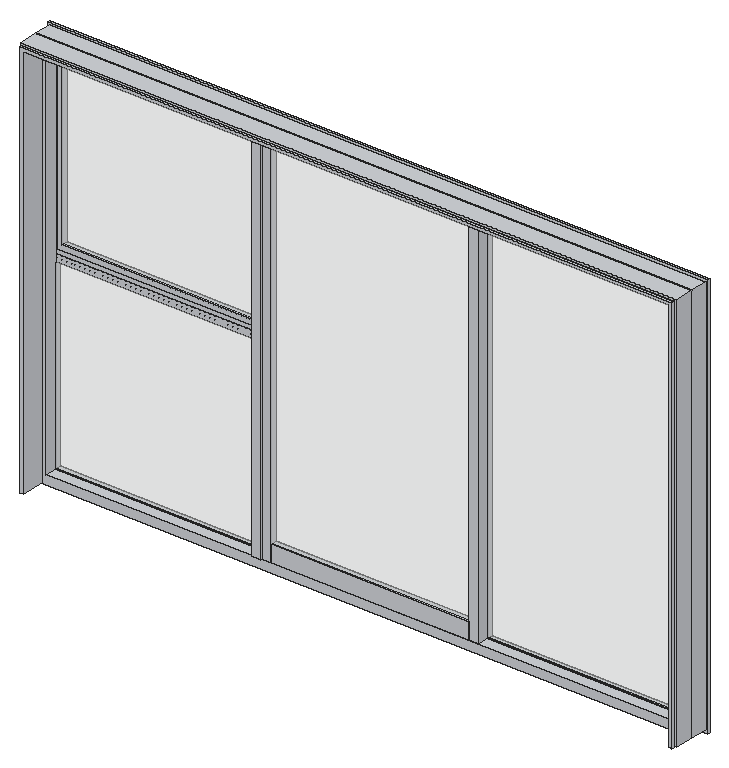
Revit family "APL Residential Thermal Heart Sliding Door FSF with Sidelight", category Doors, host Wall, Revit 2017 (continued)
Definition of nested family "APL Residential Thermal Heart Sliding Door FSF Vertical Section"
  Definition of nested family "Two Panel Head"
    Definition of nested family "65400_Frame Head"
      Lines and regions (mm)
        detail lines, in view "Ref. Level"
          curve 107: line (29.4, -22, 0) -> (29.4, -8.901, 0)
          curve 108: line (29.9, -8.4, 0) -> (36.605, -8.4, 0)
          curve 109: line (39.189, -9.621, 0) -> (53.629, -10.8, 0)
          curve 110: line (53.629, -10.8, 0) -> (62.286, -10.8, 0)
          curve 111: line (64.2, -16.467, 0) -> (64.2, -25.517, 0)
          curve 112: line (66.2, -32, 0) -> (66.2, -41.1, 0)
          curve 113: line (65.7, -41.6, 0) -> (47, -41.6, 0)
          curve 114: line (46.5, -41.1, 0) -> (46.5, -36.5, 0)
          curve 115: line (27.317, -8.501, 0) -> (24.183, -8.227, 0)
          curve 116: line (24, -8.027, 0) -> (24, -6.776, 0)
          curve 117: line (24, -6.776, 0) -> (24.399, -5.679, 0)
          curve 118: line (25.569, -5.691, 0) -> (26.823, -6.456, 0)
          curve 119: line (26.979, -6.5, 0) -> (27.5, -6.5, 0)
          curve 120: line (27.694, -6.25, 0) -> (27.5, -5.5, 0)
          curve 121: line (27.5, -5.475, 0) -> (27.5, -2.247, 0)
          curve 122: line (27.312, -1.472, 0) -> (25.179, -2.043, 0)
          curve 123: line (25.038, -2.184, 0) -> (24.993, -2.352, 0)
          curve 124: line (24.659, -2.441, 0) -> (24.295, -2.078, 0)
          curve 125: line (24.208, -1.892, 0) -> (24.001, 0.474, 0)
          curve 126: line (24.403, 0.782, 0) -> (25.813, 0.268, 0)
          curve 127: line (26.583, 0, 0) -> (28.9, 0, 0)
          curve 128: line (29.4, -0.5, 0) -> (29.4, -6.1, 0)
          curve 129: line (29.9, -6.6, 0) -> (33.5, -6.6, 0)
          curve 130: line (33.5, -6.6, 0) -> (33.9, -7, 0)
          curve 131: line (33.9, -7, 0) -> (34.3, -6.6, 0)
          curve 132: line (34.3, -6.6, 0) -> (37.767, -6.6, 0)
          curve 133: line (40.611, -7.831, 0) -> (53.707, -8.9, 0)
          curve 134: line (53.707, -8.9, 0) -> (58.307, -8.9, 0)
          curve 135: line (58.307, -8.9, 0) -> (58.707, -9.3, 0)
          curve 136: line (58.707, -9.3, 0) -> (59.107, -8.9, 0)
          curve 137: line (59.107, -8.9, 0) -> (68.1, -8.9, 0)
          curve 138: line (68.3, -8.7, 0) -> (68.3, -0.5, 0)
          curve 139: line (68.8, 0, 0) -> (71.117, 0, 0)
          curve 140: line (71.887, 0.268, 0) -> (73.297, 0.782, 0)
          curve 141: line (73.699, 0.474, 0) -> (73.492, -1.892, 0)
          curve 142: line (73.405, -2.078, 0) -> (73.041, -2.441, 0)
          curve 143: line (72.707, -2.352, 0) -> (72.662, -2.184, 0)
          curve 144: line (72.521, -2.043, 0) -> (70.388, -1.472, 0)
          curve 145: line (70.2, -2.247, 0) -> (70.2, -5.475, 0)
          curve 146: line (70.2, -5.5, 0) -> (70.006, -6.25, 0)
          curve 147: line (70.2, -6.5, 0) -> (70.721, -6.5, 0)
          curve 148: line (70.877, -6.456, 0) -> (72.131, -5.691, 0)
          curve 149: line (72.7, -5.55, 0) -> (72.7, -7.124, 0)
          curve 150: line (72.7, -8.874, 0) -> (72.7, -10.449, 0)
          curve 151: line (72.131, -10.309, 0) -> (70.877, -9.544, 0)
          curve 152: line (70.721, -9.5, 0) -> (70.2, -9.5, 0)
          curve 153: line (70.006, -9.75, 0) -> (70.2, -10.5, 0)
          curve 154: line (70.2, -10.525, 0) -> (70.2, -13.753, 0)
          curve 155: line (70.532, -14.49, 0) -> (72.521, -13.957, 0)
          curve 156: line (72.662, -13.816, 0) -> (72.707, -13.648, 0)
          curve 157: line (73.041, -13.559, 0) -> (73.405, -13.922, 0)
          curve 158: line (73.492, -14.108, 0) -> (73.699, -16.474, 0)
          curve 159: line (73.297, -16.782, 0) -> (71.887, -16.268, 0)
          curve 160: line (71.117, -16, 0) -> (66.201, -16, 0)
          curve 161: line (65.7, -16.5, 0) -> (65.7, -25.519, 0)
          curve 162: line (67.7, -32, 0) -> (67.7, -33.1, 0)
          curve 163: line (67.9, -33.3, 0) -> (69.3, -33.3, 0)
          curve 164: line (69.5, -33.1, 0) -> (69.5, -32.8, 0)
          curve 165: line (70.5, -32.8, 0) -> (70.5, -35.351, 0)
          curve 166: line (69.5, -35.35, 0) -> (69.5, -34.5, 0)
          curve 167: line (69.3, -34.3, 0) -> (67.9, -34.3, 0)
          curve 168: line (67.7, -34.5, 0) -> (67.7, -41.8, 0)
          curve 169: line (67.9, -42, 0) -> (69.3, -42, 0)
          curve 170: line (69.5, -41.8, 0) -> (69.5, -40.95, 0)
          curve 171: line (70.5, -40.95, 0) -> (70.5, -42.499, 0)
          curve 172: line (70, -43, 0) -> (42.7, -43, 0)
          curve 173: line (42.5, -42.8, 0) -> (42.5, -41.25, 0)
          curve 174: line (43.5, -41.25, 0) -> (43.5, -41.8, 0)
          curve 175: line (43.7, -42, 0) -> (44.8, -42, 0)
          curve 176: line (45, -41.8, 0) -> (45, -36.7, 0)
          curve 177: line (44.8, -36.5, 0) -> (43.7, -36.5, 0)
          curve 178: line (43.5, -36.7, 0) -> (43.5, -37.25, 0)
          curve 179: line (42.5, -37.25, 0) -> (42.5, -36.5, 0)
          curve 180: line (43.5, -35.5, 0) -> (44.395, -35.5, 0)
          curve 181: line (44.6, -35.3, 0) -> (44.6, -24.2, 0)
          curve 182: line (44.395, -24, 0) -> (34.3, -24, 0)
          curve 183: line (34.3, -24, 0) -> (33.9, -23.6, 0)
          curve 184: line (33.9, -23.6, 0) -> (33.5, -24, 0)
          curve 185: line (33.5, -24, 0) -> (26.583, -24, 0)
          curve 186: line (25.813, -24.268, 0) -> (24.403, -24.782, 0)
          curve 187: line (24.001, -24.474, 0) -> (24.208, -22.108, 0)
          curve 188: line (24.295, -21.922, 0) -> (24.659, -21.559, 0)
          curve 189: line (24.993, -21.648, 0) -> (25.038, -21.816, 0)
          curve 190: line (25.179, -21.957, 0) -> (27.312, -22.528, 0)
          curve 191: line (27.5, -21.753, 0) -> (27.5, -18.525, 0)
          curve 192: line (27.5, -18.5, 0) -> (27.694, -17.75, 0)
          curve 193: line (27.5, -17.5, 0) -> (26.979, -17.5, 0)
          curve 194: line (26.823, -17.544, 0) -> (25.569, -18.309, 0)
          curve 195: line (25, -18.45, 0) -> (25, -16.874, 0)
          curve 196: line (25.479, -16.021, 0) -> (26.284, -15.529, 0)
          curve 197: line (26.389, -15.5, 0) -> (27.5, -15.5, 0)
          curve 198: line (27.5, -15.5, 0) -> (27.5, -8.7, 0)
          curve 199: arc (27.5, -8.7, 0) -> (27.447, -8.565, 0) -> (27.317, -8.501, 0) r 0.2
          curve 200: arc (70.2, -10.4, 0) -> (70.317, -10.117, 0) -> (70.6, -10, 0) r 0.4
          curve 201: arc (70.893, -10, 0) -> (70.996, -10.014, 0) -> (71.093, -10.054, 0) r 0.4
          curve 202: arc (72.621, -10.939, 0) -> (72.911, -11.059, 0) -> (73.222, -11.1, 0) r 1.2
          curve 203: arc (74.145, -11.1, 0) -> (74.718, -11.281, 0) -> (75.084, -11.758, 0) r 1
          curve 204: arc (75.877, -13.937, 0) -> (76.024, -14.128, 0) -> (76.253, -14.2, 0) r 0.4
          curve 205: arc (78.947, -14.2, 0) -> (79.176, -14.128, 0) -> (79.323, -13.937, 0) r 0.4
          curve 206: arc (80.116, -11.758, 0) -> (80.482, -11.281, 0) -> (81.055, -11.1, 0) r 1
          curve 207: arc (81.978, -11.1, 0) -> (82.289, -11.059, 0) -> (82.579, -10.939, 0) r 1.2
          curve 208: arc (84.107, -10.054, 0) -> (84.204, -10.014, 0) -> (84.307, -10, 0) r 0.4
          curve 209: arc (84.6, -10, 0) -> (84.883, -10.117, 0) -> (85, -10.4, 0) r 0.4
          curve 210: arc (85, -13.8, 0) -> (84.883, -14.083, 0) -> (84.6, -14.2, 0) r 0.4
          curve 211: arc (84.307, -14.2, 0) -> (84.204, -14.186, 0) -> (84.107, -14.146, 0) r 0.4
          curve 212: arc (82.579, -13.262, 0) -> (82.285, -13.14, 0) -> (81.97, -13.1, 0) r 1.2
          curve 213: arc (81.97, -13.1, 0) -> (81.795, -13.153, 0) -> (81.684, -13.297, 0) r 0.3
          curve 214: arc (80.796, -15.737, 0) -> (80.649, -15.928, 0) -> (80.42, -16, 0) r 0.4
          curve 215: arc (74.78, -16, 0) -> (74.551, -15.928, 0) -> (74.404, -15.737, 0) r 0.4
          curve 216: arc (73.516, -13.297, 0) -> (73.405, -13.153, 0) -> (73.23, -13.1, 0) r 0.3
          curve 217: arc (73.23, -13.1, 0) -> (72.915, -13.14, 0) -> (72.621, -13.262, 0) r 1.2
          curve 218: arc (71.093, -14.146, 0) -> (70.996, -14.186, 0) -> (70.893, -14.2, 0) r 0.4
          curve 219: arc (70.6, -14.2, 0) -> (70.317, -14.083, 0) -> (70.2, -13.8, 0) r 0.4
          curve 220: line (70.6, -10, 0) -> (70.893, -10, 0)
          curve 221: line (71.093, -10.054, 0) -> (72.621, -10.939, 0)
          curve 222: line (73.222, -11.1, 0) -> (74.145, -11.1, 0)
          curve 223: line (75.084, -11.758, 0) -> (75.877, -13.937, 0)
          curve 224: line (76.253, -14.2, 0) -> (78.947, -14.2, 0)
          curve 225: line (79.323, -13.937, 0) -> (80.116, -11.758, 0)
          curve 226: line (81.055, -11.1, 0) -> (81.978, -11.1, 0)
          curve 227: line (82.579, -10.939, 0) -> (84.107, -10.054, 0)
          curve 228: line (84.307, -10, 0) -> (84.6, -10, 0)
          curve 229: line (85, -10.4, 0) -> (85, -13.8, 0)
          curve 230: line (84.6, -14.2, 0) -> (84.307, -14.2, 0)
          curve 231: line (84.107, -14.146, 0) -> (82.579, -13.262, 0)
          curve 232: line (81.684, -13.297, 0) -> (80.796, -15.737, 0)
          curve 233: line (80.42, -16, 0) -> (74.78, -16, 0)
          curve 234: line (74.404, -15.737, 0) -> (73.516, -13.297, 0)
          curve 235: line (72.621, -13.262, 0) -> (71.093, -14.146, 0)
          curve 236: line (70.893, -14.2, 0) -> (70.6, -14.2, 0)
          curve 237: line (70.2, -13.8, 0) -> (70.2, -10.4, 0)
          curve 238: arc (70.2, -5.6, 0) -> (70.317, -5.883, 0) -> (70.6, -6, 0) r 0.4
          curve 239: arc (70.893, -6, 0) -> (70.996, -5.986, 0) -> (71.093, -5.946, 0) r 0.4
          curve 240: arc (72.621, -5.061, 0) -> (72.911, -4.941, 0) -> (73.222, -4.9, 0) r 1.2
          curve 241: arc (74.145, -4.9, 0) -> (74.718, -4.719, 0) -> (75.084, -4.242, 0) r 1
          curve 242: arc (75.877, -2.063, 0) -> (76.024, -1.872, 0) -> (76.253, -1.8, 0) r 0.4
          curve 243: arc (78.947, -1.8, 0) -> (79.176, -1.872, 0) -> (79.323, -2.063, 0) r 0.4
          curve 244: arc (80.116, -4.242, 0) -> (80.482, -4.719, 0) -> (81.055, -4.9, 0) r 1
          curve 245: arc (81.978, -4.9, 0) -> (82.289, -4.941, 0) -> (82.579, -5.061, 0) r 1.2
          curve 246: arc (84.107, -5.946, 0) -> (84.204, -5.986, 0) -> (84.307, -6, 0) r 0.4
          curve 247: arc (84.6, -6, 0) -> (84.883, -5.883, 0) -> (85, -5.6, 0) r 0.4
          curve 248: arc (85, -2.2, 0) -> (84.883, -1.917, 0) -> (84.6, -1.8, 0) r 0.4
          curve 249: arc (84.307, -1.8, 0) -> (84.204, -1.814, 0) -> (84.107, -1.854, 0) r 0.4
          curve 250: arc (82.579, -2.739, 0) -> (82.285, -2.86, 0) -> (81.97, -2.9, 0) r 1.2
          curve 251: arc (81.97, -2.9, 0) -> (81.795, -2.847, 0) -> (81.684, -2.703, 0) r 0.3
          curve 252: arc (80.796, -0.263, 0) -> (80.649, -0.072, 0) -> (80.42, 0, 0) r 0.4
          curve 253: arc (74.78, 0, 0) -> (74.551, -0.072, 0) -> (74.404, -0.263, 0) r 0.4
          curve 254: arc (73.516, -2.703, 0) -> (73.405, -2.847, 0) -> (73.23, -2.9, 0) r 0.3
          curve 255: arc (73.23, -2.9, 0) -> (72.915, -2.86, 0) -> (72.621, -2.739, 0) r 1.2
          curve 256: arc (71.093, -1.854, 0) -> (70.996, -1.814, 0) -> (70.893, -1.8, 0) r 0.4
          curve 257: arc (70.6, -1.8, 0) -> (70.317, -1.917, 0) -> (70.2, -2.2, 0) r 0.4
          curve 258: line (70.6, -6, 0) -> (70.893, -6, 0)
          curve 259: line (71.093, -5.946, 0) -> (72.621, -5.061, 0)
          curve 260: line (73.222, -4.9, 0) -> (74.145, -4.9, 0)
          curve 261: line (75.084, -4.242, 0) -> (75.877, -2.063, 0)
          curve 262: line (76.253, -1.8, 0) -> (78.947, -1.8, 0)
          curve 263: line (79.323, -2.063, 0) -> (80.116, -4.242, 0)
          curve 264: line (81.055, -4.9, 0) -> (81.978, -4.9, 0)
          curve 265: line (82.579, -5.061, 0) -> (84.107, -5.946, 0)
          curve 266: line (84.307, -6, 0) -> (84.6, -6, 0)
          curve 267: line (85, -5.6, 0) -> (85, -2.2, 0)
          curve 268: line (84.6, -1.8, 0) -> (84.307, -1.8, 0)
          curve 269: line (84.107, -1.854, 0) -> (82.579, -2.739, 0)
          curve 270: line (81.684, -2.703, 0) -> (80.796, -0.263, 0)
          curve 271: line (80.42, 0, 0) -> (74.78, 0, 0)
          curve 272: line (74.404, -0.263, 0) -> (73.516, -2.703, 0)
          curve 273: line (72.621, -2.739, 0) -> (71.093, -1.854, 0)
          curve 274: line (70.893, -1.8, 0) -> (70.6, -1.8, 0)
          curve 275: line (70.2, -2.2, 0) -> (70.2, -5.6, 0)
          curve 276: arc (113.4, -35.877, 0) -> (113.327, -35.95, 0) -> (113.3, -36.05, 0) r 0.2
          curve 277: arc (113.3, -40.25, 0) -> (113.327, -40.35, 0) -> (113.4, -40.423, 0) r 0.2
          curve 278: arc (113.4, -40.423, 0) -> (113.473, -40.496, 0) -> (113.5, -40.596, 0) r 0.2
          curve 279: arc (113.5, -41.8, 0) -> (113.441, -41.941, 0) -> (113.3, -42, 0) r 0.2
          curve 280: arc (111.701, -42, 0) -> (111.559, -41.942, 0) -> (111.5, -41.8, 0) r 0.2
          curve 281: arc (111.5, -40.95, 0) -> (111, -40.451, 0) -> (110.5, -40.95, 0) r 0.5
          curve 282: arc (110.5, -42.5, 0) -> (110.646, -42.854, 0) -> (111, -43, 0) r 0.499
          curve 283: arc (114.5, -43, 0) -> (114.847, -42.847, 0) -> (115, -42.5, 0) r 0.523
          curve 284: arc (115, -21.5, 0) -> (114.856, -21.144, 0) -> (114.5, -21, 0) r 0.493
          curve 285: arc (111.7, -21, 0) -> (111.558, -20.942, 0) -> (111.5, -20.8, 0) r 0.199
          curve 286: arc (111.5, -13.199, 0) -> (110.852, -11.559, 0) -> (109.258, -10.805, 0) r 2.399
          curve 287: arc (109.258, -10.805, 0) -> (108.878, -10.588, 0) -> (108.814, -10.156, 0) r 0.5
          curve 288: arc (108.814, -10.156, 0) -> (109, -8.953, 0) -> (108.816, -7.75, 0) r 4
          curve 289: arc (108.816, -7.75, 0) -> (108.89, -7.304, 0) -> (109.293, -7.1, 0) r 0.5
          curve 290: arc (109.5, -7.1, 0) -> (110.914, -6.514, 0) -> (111.5, -5.1, 0) r 2.001
          curve 291: arc (120.75, -1.5, 0) -> (121.501, -0.747, 0) -> (120.745, 0, 0) r 0.75
          curve 292: arc (111.5, 0, 0) -> (110.439, -0.439, 0) -> (110, -1.5, 0) r 1.5
          curve 293: arc (110, -5, 0) -> (109.941, -5.141, 0) -> (109.8, -5.2, 0) r 0.2
          curve 294: arc (100.5, -5.2, 0) -> (100.146, -5.346, 0) -> (100, -5.7, 0) r 0.5
          curve 295: arc (100, -6.2, 0) -> (100.146, -6.554, 0) -> (100.5, -6.7, 0) r 0.5
          curve 296: arc (101.927, -6.7, 0) -> (102.266, -6.833, 0) -> (102.426, -7.16, 0) r 0.5
          curve 297: arc (102.426, -7.16, 0) -> (102.912, -7.803, 0) -> (103.7, -7.634, 0) r 0.75
          curve 298: arc (103.7, -7.634, 0) -> (105, -7.1, 0) -> (106.3, -7.634, 0) r 1.85
          curve 299: arc (106.3, -7.634, 0) -> (106.442, -7.744, 0) -> (106.607, -7.817, 0) r 0.75
          curve 300: arc (106.607, -7.817, 0) -> (106.791, -7.92, 0) -> (106.916, -8.09, 0) r 0.5
          curve 301: arc (106.916, -8.09, 0) -> (107.1, -8.95, 0) -> (106.916, -9.81, 0) r 2.1
          curve 302: arc (106.916, -9.81, 0) -> (106.791, -9.98, 0) -> (106.607, -10.083, 0) r 0.5
          curve 303: arc (106.607, -10.083, 0) -> (106.442, -10.156, 0) -> (106.3, -10.266, 0) r 0.75
          curve 304: arc (106.3, -10.266, 0) -> (105, -10.8, 0) -> (103.7, -10.266, 0) r 1.85
          curve 305: arc (103.7, -10.266, 0) -> (103.027, -10.064, 0) -> (102.482, -10.509, 0) r 0.75
          curve 306: arc (102.482, -10.509, 0) -> (102.32, -10.716, 0) -> (102.075, -10.812, 0) r 0.5
          curve 307: arc (102.075, -10.812, 0) -> (101.154, -11.14, 0) -> (100.481, -11.85, 0) r 2.1
          curve 308: arc (100.481, -11.85, 0) -> (100.298, -12.033, 0) -> (100.048, -12.1, 0) r 0.5
          curve 309: arc (91.556, -12.1, 0) -> (91.287, -12.022, 0) -> (91.103, -11.812, 0) r 0.5
          curve 310: arc (91.103, -11.812, 0) -> (90.328, -10.929, 0) -> (89.2, -10.6, 0) r 2.1
          curve 311: arc (87.9, -10.6, 0) -> (87.193, -10.307, 0) -> (86.9, -9.6, 0) r 1
          curve 312: arc (86.9, -0.5, 0) -> (86.754, -0.146, 0) -> (86.4, 0, 0) r 0.5
          curve 313: arc (84.083, 0, 0) -> (83.778, -0.199, 0) -> (83.505, 0.043, 0) r 0.3
          curve 314: arc (83.505, 0.043, 0) -> (83.439, 0.181, 0) -> (83.313, 0.268, 0) r 0.3
          curve 315: arc (81.903, 0.782, 0) -> (81.617, 0.738, 0) -> (81.501, 0.474, 0) r 0.3
          curve 316: arc (81.708, -1.892, 0) -> (81.735, -1.992, 0) -> (81.795, -2.078, 0) r 0.3
          curve 317: arc (82.159, -2.441, 0) -> (82.352, -2.493, 0) -> (82.493, -2.352, 0) r 0.2
          curve 318: arc (82.538, -2.184, 0) -> (82.59, -2.095, 0) -> (82.679, -2.043, 0) r 0.2
          curve 319: arc (84.822, -1.51, 0) -> (85.164, -1.657, 0) -> (85.1, -2.024, 0) r 0.3
          curve 320: arc (85.1, -2.024, 0) -> (85.026, -2.125, 0) -> (85, -2.247, 0) r 0.3
          curve 321: arc (85.194, -6.25, 0) -> (85.158, -6.422, 0) -> (85, -6.5, 0) r 0.2
          curve 322: arc (84.479, -6.5, 0) -> (84.398, -6.489, 0) -> (84.323, -6.456, 0) r 0.3
          curve 323: arc (83.069, -5.691, 0) -> (83.063, -5.498, 0) -> (82.92, -5.367, 0) r 0.25
          curve 324: arc (82.92, -5.367, 0) -> (82.65, -5.321, 0) -> (82.5, -5.55, 0) r 0.25
          curve 325: arc (82.5, -7.126, 0) -> (82.582, -7.523, 0) -> (82.815, -7.854, 0) r 1
          curve 326: arc (82.815, -7.854, 0) -> (82.878, -8, 0) -> (82.815, -8.146, 0) r 0.2
          curve 327: arc (82.815, -8.146, 0) -> (82.582, -8.477, 0) -> (82.5, -8.874, 0) r 1
          curve 328: arc (82.5, -10.45, 0) -> (82.628, -10.668, 0) -> (82.88, -10.663, 0) r 0.25
          curve 329: arc (82.966, -10.611, 0) -> (83.072, -10.479, 0) -> (83.069, -10.309, 0) r 0.25
          curve 330: arc (84.323, -9.544, 0) -> (84.398, -9.511, 0) -> (84.479, -9.5, 0) r 0.3
          curve 331: arc (85, -9.5, 0) -> (85.158, -9.577, 0) -> (85.194, -9.75, 0) r 0.2
          curve 332: arc (85, -13.753, 0) -> (85.026, -13.875, 0) -> (85.1, -13.976, 0) r 0.3
          curve 333: arc (85.1, -13.976, 0) -> (85.164, -14.343, 0) -> (84.822, -14.49, 0) r 0.3
          curve 334: arc (82.679, -13.957, 0) -> (82.59, -13.905, 0) -> (82.538, -13.816, 0) r 0.2
          curve 335: arc (82.493, -13.648, 0) -> (82.352, -13.507, 0) -> (82.159, -13.559, 0) r 0.2
          curve 336: arc (81.795, -13.922, 0) -> (81.735, -14.008, 0) -> (81.708, -14.108, 0) r 0.3
          curve 337: arc (81.501, -16.474, 0) -> (81.617, -16.738, 0) -> (81.903, -16.782, 0) r 0.3
          curve 338: arc (83.313, -16.268, 0) -> (83.439, -16.181, 0) -> (83.505, -16.043, 0) r 0.3
          curve 339: arc (83.505, -16.043, 0) -> (83.778, -15.801, 0) -> (84.083, -16, 0) r 0.3
          curve 340: arc (86.7, -16, 0) -> (86.841, -15.941, 0) -> (86.9, -15.8, 0) r 0.2
          curve 341: arc (86.9, -12.7, 0) -> (86.959, -12.559, 0) -> (87.1, -12.5, 0) r 0.2
          curve 342: arc (89.2, -12.5, 0) -> (89.341, -12.559, 0) -> (89.4, -12.7, 0) r 0.2
          curve 343: arc (89.4, -13.8, 0) -> (89.459, -13.941, 0) -> (89.6, -14, 0) r 0.2
          curve 344: arc (101.9, -14, 0) -> (102.042, -13.941, 0) -> (102.1, -13.8, 0) r 0.2
          curve 345: arc (102.1, -12.9, 0) -> (102.159, -12.759, 0) -> (102.3, -12.7, 0) r 0.2
          curve 346: arc (109.1, -12.7, 0) -> (109.454, -12.846, 0) -> (109.6, -13.2, 0) r 0.5
          curve 347: arc (109.6, -14.5, 0) -> (109.541, -14.641, 0) -> (109.4, -14.7, 0) r 0.2
          curve 348: arc (107.3, -14.7, 0) -> (107.159, -14.759, 0) -> (107.1, -14.9, 0) r 0.2
          curve 349: arc (107.1, -15.8, 0) -> (107.159, -15.941, 0) -> (107.3, -16, 0) r 0.2
          curve 350: arc (109.5, -16, 0) -> (109.854, -16.146, 0) -> (110, -16.5, 0) r 0.5
          curve 351: arc (110, -22.8, 0) -> (110.146, -23.154, 0) -> (110.5, -23.3, 0) r 0.5
          curve 352: arc (111.3, -23.3, 0) -> (111.441, -23.241, 0) -> (111.5, -23.1, 0) r 0.2
          curve 353: arc (113.3, -22.3, 0) -> (113.441, -22.359, 0) -> (113.5, -22.5, 0) r 0.2
          curve 354: arc (113.5, -27.4, 0) -> (113.1, -27.8, 0) -> (113.5, -28.2, 0) r 0.4
          curve 355: arc (113.5, -33.1, 0) -> (113.441, -33.241, 0) -> (113.3, -33.3, 0) r 0.2
          curve 356: arc (111.5, -32.7, 0) -> (111.383, -32.417, 0) -> (111.1, -32.3, 0) r 0.4
          curve 357: arc (111, -32.3, 0) -> (110.646, -32.447, 0) -> (110.5, -32.8, 0) r 0.5
          curve 358: arc (110.5, -35.35, 0) -> (111, -35.85, 0) -> (111.5, -35.35, 0) r 0.5
          curve 359: arc (111.5, -34.5, 0) -> (111.559, -34.359, 0) -> (111.7, -34.3, 0) r 0.2
          curve 360: arc (113.3, -34.3, 0) -> (113.441, -34.359, 0) -> (113.5, -34.5, 0) r 0.2
          curve 361: line (113.3, -36.05, 0) -> (113.3, -40.25, 0)
          curve 362: line (113.5, -40.596, 0) -> (113.5, -41.8, 0)
          curve 363: line (113.3, -42, 0) -> (111.701, -42, 0)
          curve 364: line (111.5, -41.8, 0) -> (111.5, -40.95, 0)
          curve 365: line (110.5, -40.95, 0) -> (110.5, -42.5, 0)
          curve 366: line (111, -43, 0) -> (114.5, -43, 0)
          curve 367: line (115, -42.5, 0) -> (115, -21.5, 0)
          curve 368: line (114.5, -21, 0) -> (111.7, -21, 0)
          curve 369: line (111.5, -20.8, 0) -> (111.5, -13.199, 0)
          curve 370: line (109.293, -7.1, 0) -> (109.5, -7.1, 0)
          curve 371: line (111.5, -5.1, 0) -> (111.5, -1.5, 0)
          curve 372: line (111.5, -1.5, 0) -> (120.75, -1.5, 0)
          curve 373: line (120.745, 0, 0) -> (119, 0, 0)
          curve 374: line (119, 0, 0) -> (118.6, -0.4, 0)
          curve 375: line (118.6, -0.4, 0) -> (112.3, -0.4, 0)
          curve 376: line (112.3, -0.4, 0) -> (111.9, 0, 0)
          curve 377: line (111.9, 0, 0) -> (111.5, 0, 0)
          curve 378: line (110, -1.5, 0) -> (110, -5, 0)
          curve 379: line (109.8, -5.2, 0) -> (100.5, -5.2, 0)
          curve 380: line (100, -5.7, 0) -> (100, -6.2, 0)
          curve 381: line (100.5, -6.7, 0) -> (101.927, -6.7, 0)
          curve 382: line (100.048, -12.1, 0) -> (91.556, -12.1, 0)
          curve 383: line (89.2, -10.6, 0) -> (87.9, -10.6, 0)
          curve 384: line (86.9, -9.6, 0) -> (86.9, -0.5, 0)
          curve 385: line (86.4, 0, 0) -> (84.083, 0, 0)
          curve 386: line (83.313, 0.268, 0) -> (81.903, 0.782, 0)
          curve 387: line (81.501, 0.474, 0) -> (81.708, -1.892, 0)
          curve 388: line (81.795, -2.078, 0) -> (82.159, -2.441, 0)
          curve 389: line (82.493, -2.352, 0) -> (82.538, -2.184, 0)
          curve 390: line (82.679, -2.043, 0) -> (84.812, -1.472, 0)
          curve 391: line (85, -2.247, 0) -> (85, -5.475, 0)
          curve 392: line (85, -5.5, 0) -> (85.194, -6.25, 0)
          curve 393: line (85, -6.5, 0) -> (84.479, -6.5, 0)
          curve 394: line (84.323, -6.456, 0) -> (83.069, -5.691, 0)
          curve 395: line (82.5, -5.55, 0) -> (82.5, -7.126, 0)
          curve 396: line (82.5, -8.874, 0) -> (82.5, -10.45, 0)
          curve 397: line (83.069, -10.309, 0) -> (84.323, -9.544, 0)
          curve 398: line (84.479, -9.5, 0) -> (85, -9.5, 0)
          curve 399: line (85.194, -9.75, 0) -> (85, -10.5, 0)
          curve 400: line (85, -10.525, 0) -> (85, -13.752, 0)
          curve 401: line (84.812, -14.528, 0) -> (82.679, -13.957, 0)
          curve 402: line (82.538, -13.816, 0) -> (82.493, -13.648, 0)
          curve 403: line (82.159, -13.559, 0) -> (81.795, -13.922, 0)
          curve 404: line (81.708, -14.108, 0) -> (81.501, -16.474, 0)
          curve 405: line (81.903, -16.782, 0) -> (83.313, -16.268, 0)
          curve 406: line (84.083, -16, 0) -> (86.7, -16, 0)
          curve 407: line (86.9, -15.8, 0) -> (86.9, -12.7, 0)
          curve 408: line (87.1, -12.5, 0) -> (89.2, -12.5, 0)
          curve 409: line (89.4, -12.7, 0) -> (89.4, -13.8, 0)
          curve 410: line (89.6, -14, 0) -> (95.4, -14, 0)
          curve 411: line (95.4, -14, 0) -> (95.8, -13.6, 0)
          curve 412: line (95.8, -13.6, 0) -> (96.2, -14, 0)
          curve 413: line (96.2, -14, 0) -> (101.9, -14, 0)
          curve 414: line (102.1, -13.8, 0) -> (102.1, -12.9, 0)
          curve 415: line (102.3, -12.7, 0) -> (109.1, -12.7, 0)
          curve 416: line (109.6, -13.2, 0) -> (109.6, -14.5, 0)
          curve 417: line (109.4, -14.7, 0) -> (107.3, -14.7, 0)
          curve 418: line (107.1, -14.9, 0) -> (107.1, -15.8, 0)
          curve 419: line (107.3, -16, 0) -> (109.5, -16, 0)
          curve 420: line (110, -16.5, 0) -> (110, -22.8, 0)
          curve 421: line (110.5, -23.3, 0) -> (111.3, -23.3, 0)
          curve 422: line (111.5, -23.1, 0) -> (111.5, -22.3, 0)
          curve 423: line (111.5, -22.3, 0) -> (113.3, -22.3, 0)
          curve 424: line (113.5, -22.5, 0) -> (113.5, -27.4, 0)
          curve 425: line (113.5, -28.2, 0) -> (113.5, -33.1, 0)
          curve 426: line (113.3, -33.3, 0) -> (111.5, -33.3, 0)
          curve 427: line (111.5, -33.3, 0) -> (111.5, -32.7, 0)
          curve 428: line (110.5, -32.8, 0) -> (110.5, -35.35, 0)
          curve 429: line (111.5, -35.35, 0) -> (111.5, -34.5, 0)
          curve 430: line (111.7, -34.3, 0) -> (113.3, -34.3, 0)
          curve 431: line (113.5, -34.5, 0) -> (113.5, -35.704, 0)
          curve 432: arc (113.5, -35.704, 0) -> (113.473, -35.804, 0) -> (113.4, -35.877, 0) r 0.2
          curve 433: arc (12.7, -18.4, 0) -> (12.817, -18.117, 0) -> (13.1, -18, 0) r 0.4
          curve 434: arc (13.393, -18, 0) -> (13.496, -18.014, 0) -> (13.593, -18.054, 0) r 0.4
          curve 435: arc (15.121, -18.939, 0) -> (15.411, -19.059, 0) -> (15.722, -19.1, 0) r 1.2
          curve 436: arc (16.645, -19.1, 0) -> (17.218, -19.281, 0) -> (17.584, -19.758, 0) r 1
          curve 437: arc (18.377, -21.937, 0) -> (18.524, -22.128, 0) -> (18.753, -22.2, 0) r 0.4
          curve 438: arc (21.447, -22.2, 0) -> (21.676, -22.128, 0) -> (21.823, -21.937, 0) r 0.4
          curve 439: arc (22.616, -19.758, 0) -> (22.982, -19.281, 0) -> (23.555, -19.1, 0) r 1
          curve 440: arc (24.478, -19.1, 0) -> (24.789, -19.059, 0) -> (25.079, -18.939, 0) r 1.2
          curve 441: arc (26.607, -18.054, 0) -> (26.704, -18.014, 0) -> (26.807, -18, 0) r 0.4
          curve 442: arc (27.1, -18, 0) -> (27.383, -18.117, 0) -> (27.5, -18.4, 0) r 0.4
          curve 443: arc (27.5, -21.8, 0) -> (27.383, -22.083, 0) -> (27.1, -22.2, 0) r 0.4
          curve 444: arc (26.807, -22.2, 0) -> (26.704, -22.186, 0) -> (26.607, -22.146, 0) r 0.4
          curve 445: arc (25.079, -21.261, 0) -> (24.785, -21.14, 0) -> (24.47, -21.1, 0) r 1.2
          curve 446: arc (24.47, -21.1, 0) -> (24.295, -21.153, 0) -> (24.184, -21.297, 0) r 0.3
          curve 447: arc (23.296, -23.737, 0) -> (23.149, -23.928, 0) -> (22.92, -24, 0) r 0.4
          curve 448: arc (17.28, -24, 0) -> (17.051, -23.928, 0) -> (16.904, -23.737, 0) r 0.4
          curve 449: arc (16.016, -21.297, 0) -> (15.905, -21.153, 0) -> (15.73, -21.1, 0) r 0.3
          curve 450: arc (15.73, -21.1, 0) -> (15.415, -21.14, 0) -> (15.121, -21.261, 0) r 1.2
          curve 451: arc (13.593, -22.146, 0) -> (13.496, -22.186, 0) -> (13.393, -22.2, 0) r 0.4
          curve 452: arc (13.1, -22.2, 0) -> (12.817, -22.083, 0) -> (12.7, -21.8, 0) r 0.4
          curve 453: line (13.1, -18, 0) -> (13.393, -18, 0)
          curve 454: line (13.593, -18.054, 0) -> (15.121, -18.939, 0)
          curve 455: line (15.722, -19.1, 0) -> (16.645, -19.1, 0)
          curve 456: line (17.584, -19.758, 0) -> (18.377, -21.937, 0)
          curve 457: line (18.753, -22.2, 0) -> (21.447, -22.2, 0)
          curve 458: line (21.823, -21.937, 0) -> (22.616, -19.758, 0)
          curve 459: line (23.555, -19.1, 0) -> (24.478, -19.1, 0)
          curve 460: line (25.079, -18.939, 0) -> (26.607, -18.054, 0)
          curve 461: line (26.807, -18, 0) -> (27.1, -18, 0)
          curve 462: line (27.5, -18.4, 0) -> (27.5, -21.8, 0)
          curve 463: line (27.1, -22.2, 0) -> (26.807, -22.2, 0)
          curve 464: line (26.607, -22.146, 0) -> (25.079, -21.261, 0)
          curve 465: line (24.184, -21.297, 0) -> (23.296, -23.737, 0)
          curve 466: line (22.92, -24, 0) -> (17.28, -24, 0)
          curve 467: line (16.904, -23.737, 0) -> (16.016, -21.297, 0)
          curve 468: line (15.121, -21.261, 0) -> (13.593, -22.146, 0)
          curve 469: line (13.393, -22.2, 0) -> (13.1, -22.2, 0)
          curve 470: line (12.7, -21.8, 0) -> (12.7, -18.4, 0)
          curve 471: arc (12.7, -2.2, 0) -> (12.817, -1.917, 0) -> (13.1, -1.8, 0) r 0.4
          curve 472: arc (13.393, -1.8, 0) -> (13.496, -1.814, 0) -> (13.593, -1.854, 0) r 0.4
          curve 473: arc (15.121, -2.739, 0) -> (15.411, -2.859, 0) -> (15.722, -2.9, 0) r 1.2
          curve 474: arc (16.645, -2.9, 0) -> (17.218, -3.081, 0) -> (17.584, -3.558, 0) r 1
          curve 475: arc (18.377, -5.737, 0) -> (18.524, -5.928, 0) -> (18.753, -6, 0) r 0.4
          curve 476: arc (21.447, -6, 0) -> (21.676, -5.928, 0) -> (21.823, -5.737, 0) r 0.4
          curve 477: arc (22.616, -3.558, 0) -> (22.982, -3.081, 0) -> (23.555, -2.9, 0) r 1
          curve 478: arc (24.478, -2.9, 0) -> (24.789, -2.859, 0) -> (25.079, -2.739, 0) r 1.2
          curve 479: arc (26.607, -1.854, 0) -> (26.704, -1.814, 0) -> (26.807, -1.8, 0) r 0.4
          curve 480: arc (27.1, -1.8, 0) -> (27.383, -1.917, 0) -> (27.5, -2.2, 0) r 0.4
          curve 481: arc (27.5, -5.6, 0) -> (27.383, -5.883, 0) -> (27.1, -6, 0) r 0.4
          curve 482: arc (26.807, -6, 0) -> (26.704, -5.986, 0) -> (26.607, -5.946, 0) r 0.4
          curve 483: arc (25.079, -5.061, 0) -> (24.785, -4.94, 0) -> (24.47, -4.9, 0) r 1.2
          curve 484: arc (24.47, -4.9, 0) -> (24.295, -4.953, 0) -> (24.184, -5.097, 0) r 0.3
          curve 485: arc (23.296, -7.537, 0) -> (23.149, -7.728, 0) -> (22.92, -7.8, 0) r 0.4
          curve 486: arc (17.28, -7.8, 0) -> (17.051, -7.728, 0) -> (16.904, -7.537, 0) r 0.4
          curve 487: arc (16.016, -5.097, 0) -> (15.905, -4.953, 0) -> (15.73, -4.9, 0) r 0.3
          curve 488: arc (15.73, -4.9, 0) -> (15.415, -4.94, 0) -> (15.121, -5.061, 0) r 1.2
          curve 489: arc (13.593, -5.946, 0) -> (13.496, -5.986, 0) -> (13.393, -6, 0) r 0.4
          curve 490: arc (13.1, -6, 0) -> (12.817, -5.883, 0) -> (12.7, -5.6, 0) r 0.4
          curve 491: line (13.1, -1.8, 0) -> (13.393, -1.8, 0)
          curve 492: line (13.593, -1.854, 0) -> (15.121, -2.739, 0)
          curve 493: line (15.722, -2.9, 0) -> (16.645, -2.9, 0)
          curve 494: line (17.584, -3.558, 0) -> (18.377, -5.737, 0)
          curve 495: line (18.753, -6, 0) -> (21.447, -6, 0)
          curve 496: line (21.823, -5.737, 0) -> (22.616, -3.558, 0)
          curve 497: line (23.555, -2.9, 0) -> (24.478, -2.9, 0)
          curve 498: line (25.079, -2.739, 0) -> (26.607, -1.854, 0)
          curve 499: line (26.807, -1.8, 0) -> (27.1, -1.8, 0)
          curve 500: line (27.5, -2.2, 0) -> (27.5, -5.6, 0)
          curve 501: line (27.1, -6, 0) -> (26.807, -6, 0)
          curve 502: line (26.607, -5.946, 0) -> (25.079, -5.061, 0)
          curve 503: line (24.184, -5.097, 0) -> (23.296, -7.537, 0)
          curve 504: line (22.92, -7.8, 0) -> (17.28, -7.8, 0)
          curve 505: line (16.904, -7.537, 0) -> (16.016, -5.097, 0)
          curve 506: line (15.121, -5.061, 0) -> (13.593, -5.946, 0)
          curve 507: line (13.393, -6, 0) -> (13.1, -6, 0)
          curve 508: line (12.7, -5.6, 0) -> (12.7, -2.2, 0)
          curve 509: arc (10.8, -6.498, 0) -> (11.356, -7.843, 0) -> (12.7, -8.4, 0) r 1.9
          curve 510: arc (13.1, -8.4, 0) -> (13.241, -8.459, 0) -> (13.3, -8.6, 0) r 0.2
          curve 511: arc (13.3, -15.4, 0) -> (13.241, -15.541, 0) -> (13.1, -15.6, 0) r 0.2
          curve 512: arc (11, -15.6, 0) -> (10.859, -15.659, 0) -> (10.8, -15.8, 0) r 0.2
          curve 513: arc (10.8, -16.283, 0) -> (10.741, -16.425, 0) -> (10.6, -16.483, 0) r 0.2
          curve 514: arc (1.9, -16.483, 0) -> (1.546, -16.337, 0) -> (1.4, -15.983, 0) r 0.5
          curve 515: arc (1.4, -2.245, 0) -> (1.521, -1.631, 0) -> (1.869, -1.111, 0) r 1.6
          curve 516: arc (6.387, 3.407, 0) -> (6.711, 3.624, 0) -> (7.094, 3.7, 0) r 1
          curve 517: arc (9.8, 3.7, 0) -> (10.507, 3.407, 0) -> (10.8, 2.7, 0) r 1
          curve 518: arc (1.665, -23.621, 0) -> (1.729, -23.522, 0) -> (1.725, -23.403, 0) r 0.2
          curve 519: arc (1.725, -23.403, 0) -> (1.621, -23.234, 0) -> (1.453, -23.127, 0) r 0.45
          curve 520: arc (1.453, -23.127, 0) -> (1.357, -23.052, 0) -> (1.322, -22.936, 0) r 0.2
          curve 521: arc (1.379, -18.081, 0) -> (1.438, -17.941, 0) -> (1.579, -17.883, 0) r 0.2
          curve 522: arc (10.6, -17.883, 0) -> (10.741, -17.942, 0) -> (10.8, -18.083, 0) r 0.2
          curve 523: arc (10.8, -22.172, 0) -> (10.773, -22.272, 0) -> (10.7, -22.345, 0) r 0.2
          curve 524: arc (9.6, -22.98, 0) -> (9.38, -23.2, 0) -> (9.3, -23.5, 0) r 0.6
          curve 525: arc (9.3, -23.8, 0) -> (9.359, -23.941, 0) -> (9.5, -24, 0) r 0.2
          curve 526: arc (13.617, -24, 0) -> (13.922, -23.801, 0) -> (14.195, -24.043, 0) r 0.3
          curve 527: arc (14.195, -24.043, 0) -> (14.261, -24.181, 0) -> (14.387, -24.268, 0) r 0.3
          curve 528: arc (15.797, -24.782, 0) -> (16.083, -24.738, 0) -> (16.199, -24.474, 0) r 0.3
          curve 529: arc (15.992, -22.108, 0) -> (15.965, -22.008, 0) -> (15.905, -21.922, 0) r 0.3
          curve 530: arc (15.541, -21.559, 0) -> (15.348, -21.507, 0) -> (15.207, -21.648, 0) r 0.2
          curve 531: arc (15.162, -21.816, 0) -> (15.11, -21.905, 0) -> (15.021, -21.957, 0) r 0.2
          curve 532: arc (12.878, -22.49, 0) -> (12.536, -22.343, 0) -> (12.6, -21.976, 0) r 0.3
          curve 533: arc (12.6, -21.976, 0) -> (12.674, -21.875, 0) -> (12.7, -21.753, 0) r 0.3
          curve 534: arc (12.506, -17.75, 0) -> (12.542, -17.578, 0) -> (12.7, -17.5, 0) r 0.2
          curve 535: arc (13.221, -17.5, 0) -> (13.302, -17.511, 0) -> (13.377, -17.544, 0) r 0.3
          curve 536: arc (14.631, -18.309, 0) -> (14.637, -18.502, 0) -> (14.78, -18.633, 0) r 0.25
          curve 537: arc (14.78, -18.633, 0) -> (15.05, -18.679, 0) -> (15.2, -18.45, 0) r 0.25
          curve 538: arc (15.2, -8.599, 0) -> (15.259, -8.458, 0) -> (15.4, -8.4, 0) r 0.2
          curve 539: arc (16.479, -8.4, 0) -> (16.643, -8.315, 0) -> (16.667, -8.132, 0) r 0.2
          curve 540: arc (15.775, -5.682, 0) -> (15.702, -5.586, 0) -> (15.587, -5.55, 0) r 0.2
          curve 541: arc (15.353, -5.55, 0) -> (15.248, -5.52, 0) -> (15.174, -5.439, 0) r 0.2
          curve 542: arc (15.174, -5.439, 0) -> (14.995, -5.304, 0) -> (14.78, -5.367, 0) r 0.25
          curve 543: arc (14.78, -5.367, 0) -> (14.637, -5.498, 0) -> (14.631, -5.691, 0) r 0.25
          curve 544: arc (13.377, -6.456, 0) -> (13.302, -6.489, 0) -> (13.221, -6.5, 0) r 0.3
          curve 545: arc (12.7, -6.5, 0) -> (12.542, -6.422, 0) -> (12.506, -6.25, 0) r 0.2
          curve 546: arc (12.7, -2.247, 0) -> (12.674, -2.125, 0) -> (12.6, -2.024, 0) r 0.3
          curve 547: arc (12.6, -2.024, 0) -> (12.536, -1.657, 0) -> (12.878, -1.51, 0) r 0.3
          curve 548: arc (15.021, -2.043, 0) -> (15.11, -2.095, 0) -> (15.162, -2.184, 0) r 0.2
          curve 549: arc (15.207, -2.352, 0) -> (15.348, -2.493, 0) -> (15.541, -2.441, 0) r 0.2
          curve 550: arc (15.905, -2.078, 0) -> (15.965, -1.992, 0) -> (15.992, -1.892, 0) r 0.3
          curve 551: arc (16.199, 0.474, 0) -> (16.083, 0.738, 0) -> (15.797, 0.782, 0) r 0.3
          curve 552: arc (14.387, 0.268, 0) -> (14.261, 0.181, 0) -> (14.195, 0.043, 0) r 0.3
          curve 553: arc (14.195, 0.043, 0) -> (13.922, -0.199, 0) -> (13.617, 0, 0) r 0.3
          curve 554: arc (12.6, 0, 0) -> (12.459, 0.059, 0) -> (12.4, 0.2, 0) r 0.2
          curve 555: arc (12.4, 2.696, 0) -> (11.64, 4.537, 0) -> (9.8, 5.3, 0) r 2.6
          curve 556: arc (7.9, 5.3, 0) -> (7.547, 5.446, 0) -> (7.4, 5.8, 0) r 0.5
          curve 557: arc (7.4, 13.402, 0) -> (7.508, 13.581, 0) -> (7.716, 13.566, 0) r 0.2
          curve 558: arc (7.716, 13.566, 0) -> (8.721, 13.692, 0) -> (8.684, 14.705, 0) r 0.75
          curve 559: arc (8.684, 14.705, 0) -> (8.15, 16.005, 0) -> (8.684, 17.305, 0) r 1.85
          curve 560: arc (8.684, 17.305, 0) -> (8.794, 17.447, 0) -> (8.867, 17.612, 0) r 0.75
          curve 561: arc (8.867, 17.612, 0) -> (8.97, 17.796, 0) -> (9.14, 17.921, 0) r 0.5
          curve 562: arc (9.14, 17.921, 0) -> (10, 18.105, 0) -> (10.86, 17.921, 0) r 2.1
          curve 563: arc (10.86, 17.921, 0) -> (11.03, 17.796, 0) -> (11.133, 17.612, 0) r 0.5
          curve 564: arc (11.133, 17.612, 0) -> (11.206, 17.447, 0) -> (11.316, 17.305, 0) r 0.75
          curve 565: arc (11.316, 17.305, 0) -> (11.85, 16.005, 0) -> (11.316, 14.705, 0) r 1.85
          curve 566: arc (11.316, 14.705, 0) -> (11.323, 13.644, 0) -> (12.384, 13.651, 0) r 0.75
          curve 567: arc (12.384, 13.651, 0) -> (13.348, 15.881, 0) -> (12.551, 18.176, 0) r 3.35
          curve 568: arc (12.551, 18.176, 0) -> (12.478, 18.71, 0) -> (12.932, 19, 0) r 0.5
          curve 569: arc (13.15, 19, 0) -> (13.291, 19.059, 0) -> (13.35, 19.2, 0) r 0.2
          curve 570: arc (13.35, 19.5, 0) -> (13.204, 19.854, 0) -> (12.85, 20, 0) r 0.5
          curve 571: arc (7, 20, 0) -> (6.293, 19.707, 0) -> (6, 19, 0) r 1
          curve 572: arc (6, 6.243, 0) -> (5.772, 5.095, 0) -> (5.121, 4.121, 0) r 3
          curve 573: arc (0.879, -0.121, 0) -> (0.228, -1.095, 0) -> (0, -2.243, 0) r 3
          curve 574: arc (0, -23.8, 0) -> (0.059, -23.941, 0) -> (0.2, -24, 0) r 0.2
          curve 575: line (10.8, 2.7, 0) -> (10.8, -6.498, 0)
          curve 576: line (12.7, -8.4, 0) -> (13.1, -8.4, 0)
          curve 577: line (13.3, -8.6, 0) -> (13.3, -15.4, 0)
          curve 578: line (13.1, -15.6, 0) -> (11, -15.6, 0)
          curve 579: line (10.8, -15.8, 0) -> (10.8, -16.283, 0)
          curve 580: line (10.6, -16.483, 0) -> (1.9, -16.483, 0)
          curve 581: line (1.4, -15.983, 0) -> (1.4, -2.245, 0)
          curve 582: line (1.869, -1.111, 0) -> (6.387, 3.407, 0)
          curve 583: line (7.094, 3.7, 0) -> (9.8, 3.7, 0)
          curve 584: line (1.322, -22.936, 0) -> (1.379, -18.081, 0)
          curve 585: line (1.579, -17.883, 0) -> (10.6, -17.883, 0)
          curve 586: line (10.8, -18.083, 0) -> (10.8, -22.172, 0)
          curve 587: line (10.7, -22.345, 0) -> (9.6, -22.98, 0)
          curve 588: line (9.3, -23.5, 0) -> (9.3, -23.8, 0)
          curve 589: line (9.5, -24, 0) -> (13.617, -24, 0)
          curve 590: line (14.387, -24.268, 0) -> (15.797, -24.782, 0)
          curve 591: line (16.199, -24.474, 0) -> (15.992, -22.108, 0)
          curve 592: line (15.905, -21.922, 0) -> (15.541, -21.559, 0)
          curve 593: line (15.207, -21.648, 0) -> (15.162, -21.816, 0)
          curve 594: line (15.021, -21.957, 0) -> (12.888, -22.528, 0)
          curve 595: line (12.7, -21.753, 0) -> (12.7, -18.525, 0)
          curve 596: line (12.7, -18.5, 0) -> (12.506, -17.75, 0)
          curve 597: line (12.7, -17.5, 0) -> (13.221, -17.5, 0)
          curve 598: line (13.377, -17.544, 0) -> (14.631, -18.309, 0)
          curve 599: line (15.2, -18.45, 0) -> (15.2, -16.874, 0)
          curve 600: line (15.2, -16.874, 0) -> (15.2, -8.599, 0)
          curve 601: line (15.4, -8.4, 0) -> (16.479, -8.4, 0)
          curve 602: line (16.667, -8.132, 0) -> (15.775, -5.682, 0)
          curve 603: line (15.587, -5.55, 0) -> (15.353, -5.55, 0)
          curve 604: line (14.631, -5.691, 0) -> (13.377, -6.456, 0)
          curve 605: line (13.221, -6.5, 0) -> (12.7, -6.5, 0)
          curve 606: line (12.506, -6.25, 0) -> (12.7, -5.5, 0)
          curve 607: line (12.7, -5.475, 0) -> (12.7, -2.247, 0)
          curve 608: line (12.888, -1.472, 0) -> (15.021, -2.043, 0)
          curve 609: line (15.162, -2.184, 0) -> (15.207, -2.352, 0)
          curve 610: line (15.541, -2.441, 0) -> (15.905, -2.078, 0)
          curve 611: line (15.992, -1.892, 0) -> (16.199, 0.474, 0)
          curve 612: line (15.797, 0.782, 0) -> (14.387, 0.268, 0)
          curve 613: line (13.617, 0, 0) -> (12.6, 0, 0)
          curve 614: line (12.4, 0.2, 0) -> (12.4, 2.696, 0)
          curve 615: line (9.8, 5.3, 0) -> (7.9, 5.3, 0)
          curve 616: line (7.4, 5.8, 0) -> (7.4, 13.402, 0)
          curve 617: line (12.932, 19, 0) -> (13.15, 19, 0)
          curve 618: line (13.35, 19.2, 0) -> (13.35, 19.5, 0)
          curve 619: line (12.85, 20, 0) -> (7, 20, 0)
          curve 620: line (6, 19, 0) -> (6, 6.243, 0)
          curve 621: line (5.121, 4.121, 0) -> (0.879, -0.121, 0)
          curve 622: line (0, -2.243, 0) -> (0, -23.8, 0)
          curve 623: line (0.2, -24, 0) -> (1.214, -24, 0)
          curve 624: line (1.214, -24, 0) -> (1.665, -23.621, 0)
          curve 625: line (106.85, -41.439, 0) -> (112.6, -39.899, 0)
          curve 626: line (111.139, -40.29, 0) -> (106.85, -40.29, 0)
          curve 627: line (112.6, -39.45, 0) -> (106.85, -39.45, 0)
          curve 628: line (112.6, -38.61, 0) -> (106.85, -38.61, 0)
          curve 629: line (112.6, -37.69, 0) -> (106.85, -37.69, 0)
          curve 630: line (112.6, -36.85, 0) -> (106.85, -36.85, 0)
          curve 631: line (111.139, -36.01, 0) -> (106.85, -36.01, 0)
          curve 632: line (112.6, -36.401, 0) -> (106.85, -34.861, 0)
          curve 633: line (112.85, -41.6, 0) -> (112.85, -34.7, 0)
          curve 634: line (112.6, -34.7, 0) -> (112.6, -41.6, 0)
          curve 635: line (112.6, -41.6, 0) -> (113.1, -41.6, 0)
          curve 636: line (113.1, -41.6, 0) -> (113.1, -34.7, 0)
          curve 637: line (113.1, -34.7, 0) -> (112.6, -34.7, 0)
          curve 651: line (74.132, -41.648, 0) -> (68.382, -40.107, 0)
          curve 652: line (69.843, -40.498, 0) -> (74.132, -40.498, 0)
          curve 653: line (68.382, -39.658, 0) -> (74.132, -39.658, 0)
          curve 654: line (68.382, -38.818, 0) -> (74.132, -38.818, 0)
          curve 655: line (68.382, -37.898, 0) -> (74.132, -37.898, 0)
          curve 656: line (68.382, -37.058, 0) -> (74.132, -37.058, 0)
          curve 657: line (69.843, -36.218, 0) -> (74.132, -36.218, 0)
          curve 658: line (68.382, -36.61, 0) -> (74.132, -35.069, 0)
          curve 659: line (68.132, -41.808, 0) -> (68.132, -34.908, 0)
          curve 660: line (68.382, -34.908, 0) -> (68.382, -41.808, 0)
          curve 661: line (68.382, -41.808, 0) -> (67.882, -41.808, 0)
          curve 662: line (67.882, -41.808, 0) -> (67.882, -34.908, 0)
          curve 663: line (67.882, -34.908, 0) -> (68.382, -34.908, 0)
        detail lines, in view "Ref. Level", not visible
          curve 638: line (101.764, -41.439, 0) -> (107.514, -39.899, 0)
          curve 639: line (106.053, -40.29, 0) -> (101.764, -40.29, 0)
          curve 640: line (107.514, -39.45, 0) -> (101.764, -39.45, 0)
          curve 641: line (107.514, -38.61, 0) -> (101.764, -38.61, 0)
          curve 642: line (107.514, -37.69, 0) -> (101.764, -37.69, 0)
          curve 643: line (107.514, -36.85, 0) -> (101.764, -36.85, 0)
          curve 644: line (106.053, -36.01, 0) -> (101.764, -36.01, 0)
          curve 645: line (107.514, -36.401, 0) -> (101.764, -34.861, 0)
          curve 646: line (107.764, -41.6, 0) -> (107.764, -34.7, 0)
          curve 647: line (107.514, -34.7, 0) -> (107.514, -41.6, 0)
          curve 648: line (107.514, -41.6, 0) -> (108.014, -41.6, 0)
          curve 649: line (108.014, -41.6, 0) -> (108.014, -34.7, 0)
          curve 650: line (108.014, -34.7, 0) -> (107.514, -34.7, 0)
      Text (mm)
        text "65400" at (41.516, 17.579, 0), in view "Ref. Level"
Definition of nested family "APL Residential Thermal Heart Sliding Door FSF with Sidelight Vertical Section"
  Parameters (values of type "Groove Liner")
    Sill Liner = yes
    Liner End [instance] = 10 mm
    Liner Block = Liner : Liner
    Liner [instance] = 100 mm
    Head Liner = yes
    Groove [instance] = 10 mm
    Glass Sash [instance] = (Box Height / 2) - 104 mm  # 146 mm
    Glass Length [instance] = (Box Height / 2) - 46.5 mm  # 203.5 mm
    Box Height [instance] = 500 mm
  Types (2, lengths in mm): name | Liner Block
    Groove Liner | Liner : Liner
    Liner | Liner No Groove : Liner No Groove
  Reference planes
    plane 1 "Center (Front/Back)": x = -395.477
    plane 2: z = 0
    plane 3 "Center (Left/Right)": y = 126.603
    plane 4: y = 376.603
    plane 5: y = -123.397
    plane 6: x = -283.977
    plane 7: x = -283.977
    plane 8: x = -377.596
    plane 9: y = -128.397
  Dimensions and locks
    equal spacing: plane 4, plane 3 "Center (Left/Right)", plane 5
    "Box Height": plane 4 to plane 5
    "Liner": plane 6 to nested 1
    locked: nested 9 to plane 5 at 30.34
    locked: nested 6 to nested 9 at 6.328
    locked: nested 8 to nested 4 at 6.328
    nested 8 to plane 3 "Center (Left/Right)" to nested 7 = 16.328 mm locked, 45 mm locked
    locked: nested 4 to nested 7 at 6
    locked: nested 5 to nested 3 at 6.047
    locked: plane 4 to nested 5 at 59.047
    locked: nested 3 to nested 1 at 22.396
    "Liner": plane 7 to nested 2
    aligned and locked: plane 7 to nested 2
  Nested families
    nested 1: "Liner" at (-283.977, 355.999, 0), type <- "Liner Block", visible <- "Head Liner", type "Liner", in view "Left", detail levels medium
      with built-in parameter 1001306 0.32808 (stored number, unit not read), Groove 10 mm, End Liner 10 mm
    nested 2: "Liner" at (-283.977, -102.794, 0), type <- "Liner Block", visible <- "Sill Liner", type "Liner", in view "Left", detail levels medium
      with built-in parameter 1001306 0.32808 (stored number, unit not read), Groove 10 mm, End Liner 10 mm
    nested 3: "Head Sash" at (-395.477, 376.603, 0), type "Head Sash", in view "Left", detail levels medium
    nested 4: "Sash Mullion-Transom" at (-355.377, 126.603, 0), type "Sash Mullion-Transom", in view "Left", detail levels medium
    nested 5: "Glazing" at (-388.769, 317.556, 0), Glass Lenght <- "Glass Sash", type "Glazing", in view "Left", detail levels medium
      with Glass Lenght 146 mm
    nested 6: "Sill Fixed Sidelight" at (-308.448, -123.386, 0), type "Sill Fixed Sidelight", in view "Left", detail levels medium
    nested 7: "Glazing" at (-388.769, 171.603, 0), Glass Lenght <- "Glass Sash", type "Glazing", in view "Left", detail levels medium
      with Glass Lenght 146 mm
    nested 8: "Glazing Bead" at (-379.977, 110.275, 0), Glass Lenght <- "Glass Length", type "Glazing Bead", in view "Left", detail levels medium
      with Glass Lenght 203.5 mm
    nested 9: "Glazing Bead" at (-379.977, -93.058, 0), Glass Lenght <- "Glass Length", type "Glazing Bead", in view "Left", detail levels medium
      with Glass Lenght 203.5 mm
  Definition of nested family "Liner"
    Parameters (values of type "Liner")
      Type Image = (empty or 0)
      built-in parameter 1001306 [instance] = 100 mm
      Groove [instance] = 10 mm
      End Liner [instance] = 10 mm
    Reference planes
      plane 1 "Center (Front/Back)": y = 0
      plane 2: z = 0
      plane 3 "Left": x = 0
      plane 4 "Right": x = 100
    Lines and regions (mm)
      Filled region 1, type "Brick", in view "Ref. Level"
        outline origin (0, 0, 0) x (1, 0, 0) y (0, 1, 0)
          loop
            line (0, 0) -> (120, 0) -> (120, 19) -> (110, 19) -> (110, 13.435) -> (100, 13.435) -> (100, 19) -> (0, 19) -> (0, 0)
      reference lines, in view "Ref. Level"
        curve 1: line (0, 0, 0) -> (100, 0, 0)
      detail lines, in view "Ref. Level", detail levels fine
        curve 2: line (100, 0, 0) -> (0, 0, 0)
    Dimensions and locks
      "built-in parameter 1001306": plane 3 "Left" to plane 4 "Right"
      locked: Filled region 1 to curve 2 at 19
      "Groove": plane 4 "Right" to Filled region 1
      "End Liner": Filled region 1 to Filled region 1
      aligned and locked: plane 1 "Center (Front/Back)" to curve 1
      aligned and locked: plane 3 "Left" to curve 1
      aligned and locked: plane 4 "Right" to curve 1
      aligned and locked: curve 1 to Filled region 1
      aligned and locked: plane 1 "Center (Front/Back)" to Filled region 1
      aligned and locked: Filled region 1 to plane 3 "Left"
    Automatic sketch dimensions
      curve 2 to plane 4 "Right" = 0 mm
      Filled region 1 sketch curve to plane 3 "Left" = 0 mm
      Filled region 1 sketch curve to plane 4 "Right" = 0 mm
      Filled region 1 sketch curve to Filled region 1 sketch curve = 10 mm  (x2)
      Filled region 1 sketch curve to plane 1 "Center (Front/Back)" = 0 mm
      Filled region 1 sketch curve to plane 1 "Center (Front/Back)" = 13.435 mm
      Filled region 1 sketch curve to Filled region 1 sketch curve = 5.565 mm  (x2)
      curve 2 to plane 3 "Left" = 0 mm
  Definition of nested family "Head Sash"
    Reference planes
      plane 1 "Center (Front/Back)": y = 0
      plane 2: z = 0
      plane 3 "Center (Left/Right)": x = 0
    Lines and regions (mm)
      detail lines, in view "Ref. Level"
        curve 1: arc (40.782, -34.144, 0) -> (40.472, -34.004, 0) -> (40.309, -34.303, 0) r 0.25
        curve 2: arc (40.336, -44.192, 0) -> (40.498, -44.491, 0) -> (40.808, -44.351, 0) r 0.25
        curve 3: line (40.309, -34.303, 0) -> (41.303, -38.171, 0)
        curve 4: line (41.303, -38.171, 0) -> (40.3, -38.75, 0)
        curve 5: line (40.3, -38.75, 0) -> (40.3, -39.75, 0)
        curve 6: line (40.3, -39.75, 0) -> (41.325, -40.342, 0)
        curve 7: line (41.325, -40.342, 0) -> (40.336, -44.192, 0)
        curve 8: line (40.808, -44.351, 0) -> (42.532, -40.25, 0)
        curve 9: line (42.532, -40.25, 0) -> (43.8, -40.25, 0)
        curve 10: line (43.8, -40.25, 0) -> (43.8, -41.5, 0)
        curve 11: line (43.8, -41.5, 0) -> (44.8, -41.5, 0)
        curve 12: line (44.8, -41.5, 0) -> (44.8, -37, 0)
        curve 13: line (44.8, -37, 0) -> (43.8, -37, 0)
        curve 14: line (43.8, -37, 0) -> (43.8, -38.25, 0)
        curve 15: line (43.8, -38.25, 0) -> (42.508, -38.25, 0)
        curve 16: line (42.508, -38.25, 0) -> (40.782, -34.144, 0)
      detail lines, in view "Ref. Level", not visible
        curve 17: arc (33.161, -9.933, 0) -> (32.851, -9.793, 0) -> (32.689, -10.092, 0) r 0.25
        curve 18: arc (32.715, -19.98, 0) -> (32.877, -20.279, 0) -> (33.188, -20.139, 0) r 0.25
        curve 19: line (32.689, -10.092, 0) -> (33.683, -13.959, 0)
        curve 20: line (33.683, -13.959, 0) -> (32.679, -14.539, 0)
        curve 21: line (32.679, -14.539, 0) -> (32.679, -15.539, 0)
        curve 22: line (32.679, -15.539, 0) -> (33.705, -16.131, 0)
        curve 23: line (33.705, -16.131, 0) -> (32.715, -19.98, 0)
        curve 24: line (33.188, -20.139, 0) -> (34.912, -16.039, 0)
        curve 25: line (34.912, -16.039, 0) -> (36.179, -16.039, 0)
        curve 26: line (36.179, -16.039, 0) -> (36.179, -17.289, 0)
        curve 27: line (36.179, -17.289, 0) -> (37.179, -17.289, 0)
        curve 28: line (37.179, -17.289, 0) -> (37.179, -12.789, 0)
        curve 29: line (37.179, -12.789, 0) -> (36.179, -12.789, 0)
        curve 30: line (36.179, -12.789, 0) -> (36.179, -14.039, 0)
        curve 31: line (36.179, -14.039, 0) -> (34.887, -14.039, 0)
        curve 32: line (34.887, -14.039, 0) -> (33.161, -9.933, 0)
    Dimensions and locks
      locked: nested 2 to nested 1 at 51
      locked: nested 1 to nested 2 at 48
    Nested families
      nested 1: "65400_Frame Head" at (0, 0, 0), type "65400_Frame Head", in view "Ref. Level"
      nested 2: "65720_Sash" at (-0.7, -45, 0), type "65720_Sash", in view "Ref. Level"
    Definition of nested family "65400_Frame Head"
      Reference planes
        plane 1 "Center (Front/Back)": y = 0
        plane 2: z = 0
        plane 3 "Center (Left/Right)": x = 0
      Lines and regions (mm)
        detail lines, in view "Ref. Level"
          curve 1: arc (46.1, -24.2, 0) -> (45.602, -22.998, 0) -> (44.4, -22.5, 0) r 1.7
          curve 2: arc (29.9, -22.5, 0) -> (29.546, -22.354, 0) -> (29.4, -22, 0) r 0.5
          curve 3: arc (29.4, -8.901, 0) -> (29.546, -8.547, 0) -> (29.9, -8.4, 0) r 0.5
          curve 4: arc (36.605, -8.4, 0) -> (37.013, -8.479, 0) -> (37.363, -8.704, 0) r 1.1
          curve 5: arc (37.363, -8.704, 0) -> (38.199, -9.316, 0) -> (39.189, -9.621, 0) r 3.126
          curve 6: arc (62.286, -10.8, 0) -> (62.738, -11.119, 0) -> (63.285, -11.042, 0) r 0.75
          curve 7: arc (63.285, -11.042, 0) -> (64.2, -10.8, 0) -> (65.115, -11.042, 0) r 1.85
          curve 8: arc (65.115, -11.042, 0) -> (65.281, -11.112, 0) -> (65.459, -11.14, 0) r 0.75
          curve 9: arc (65.459, -11.14, 0) -> (65.663, -11.192, 0) -> (65.828, -11.324, 0) r 0.5
          curve 10: arc (65.828, -11.324, 0) -> (66.3, -12.65, 0) -> (65.828, -13.976, 0) r 2.1
          curve 11: arc (65.828, -13.976, 0) -> (65.663, -14.108, 0) -> (65.459, -14.16, 0) r 0.5
          curve 12: arc (65.459, -14.16, 0) -> (65.281, -14.188, 0) -> (65.115, -14.258, 0) r 0.75
          curve 13: arc (65.115, -14.258, 0) -> (63.721, -14.437, 0) -> (62.604, -13.585, 0) r 1.85
          curve 14: arc (62.604, -13.585, 0) -> (61.577, -13.317, 0) -> (61.309, -14.343, 0) r 0.75
          curve 15: arc (61.309, -14.343, 0) -> (62.349, -15.442, 0) -> (63.765, -15.972, 0) r 3.35
          curve 16: arc (63.765, -15.972, 0) -> (64.076, -16.138, 0) -> (64.2, -16.467, 0) r 0.5
          curve 17: arc (64.2, -25.517, 0) -> (64.489, -27.435, 0) -> (65.33, -29.182, 0) r 6.5
          curve 18: arc (65.33, -29.182, 0) -> (65.978, -30.526, 0) -> (66.2, -32, 0) r 5
          curve 19: arc (66.2, -41.1, 0) -> (66.054, -41.454, 0) -> (65.7, -41.6, 0) r 0.5
          curve 20: arc (47, -41.6, 0) -> (46.646, -41.454, 0) -> (46.5, -41.1, 0) r 0.5
          curve 21: arc (46.5, -36.5, 0) -> (46.396, -35.952, 0) -> (46.1, -35.48, 0) r 1.5
          curve 22: arc (24.183, -8.227, 0) -> (24.053, -8.162, 0) -> (24, -8.027, 0) r 0.2
          curve 23: arc (24.399, -5.679, 0) -> (24.668, -5.392, 0) -> (25.06, -5.387, 0) r 0.5
          curve 24: arc (25.06, -5.387, 0) -> (25.236, -5.3, 0) -> (25.42, -5.367, 0) r 0.25
          curve 25: arc (25.42, -5.367, 0) -> (25.563, -5.498, 0) -> (25.569, -5.691, 0) r 0.25
          curve 26: arc (26.823, -6.456, 0) -> (26.898, -6.489, 0) -> (26.979, -6.5, 0) r 0.3
          curve 27: arc (27.5, -6.5, 0) -> (27.658, -6.422, 0) -> (27.694, -6.25, 0) r 0.2
          curve 28: arc (27.5, -2.247, 0) -> (27.526, -2.125, 0) -> (27.6, -2.024, 0) r 0.3
          curve 29: arc (27.6, -2.024, 0) -> (27.664, -1.657, 0) -> (27.322, -1.51, 0) r 0.3
          curve 30: arc (25.179, -2.043, 0) -> (25.09, -2.095, 0) -> (25.038, -2.184, 0) r 0.2
          curve 31: arc (24.993, -2.352, 0) -> (24.852, -2.493, 0) -> (24.659, -2.441, 0) r 0.2
          curve 32: arc (24.295, -2.078, 0) -> (24.235, -1.992, 0) -> (24.208, -1.892, 0) r 0.3
